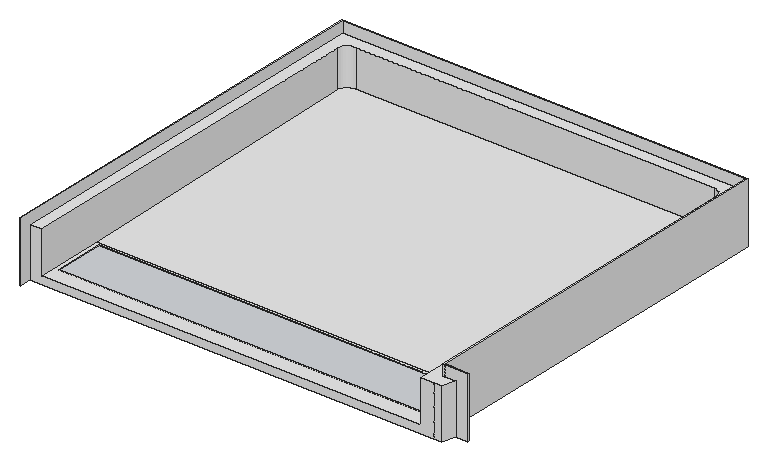
Revit family "P24038A75FTT-B.V3 L-R", category Plumbing Fixtures, Revit 2019
Family settings
  Round Connector Dimension = Use Diameter
  Part Type = Normal
  OmniClass Number = 23.45.05.14.17
  OmniClass Title = Showers
  Work Plane-Based = No
  Always vertical = Yes
  Cut with Voids When Loaded = No
  Shared = No
  Room Calculation Point = No
Parameters (values of type "P24038A75FTT.V3")
  Unit Width = 38 1/2"
  Unit Height = 5 3/4"
  Unit Depth = 38 1/4"
  URL = "http://www.bestbath.com"
  Type Comments = "ADA Compliant"
  Threshold Height = 3/4"
  Model = "P24038A75FTT.V3"
  Material [instance] = Best Bath Gelcoat Fiberglass - Smooth
  Manufacturer = "Best Bath Systems, Inc."
  Keynote = "22 40 00.B3"
  Description = "Trench Drain Pan, Traditional Bullnose Threshold"
  Assembly Code = "D2010710"
Types (5): name | Unit Height | Threshold Height | Model | Description
  (no name) | 5 3/4" | 3/4" | "P24038A75FTT.V3" | "Trench Drain Pan, Traditional Bullnose Threshold"
  P24038A75FTB.V3 | 5 3/4" | 3/4" | "P24038A75FTB.V3" | "Trench Drain Pan, Bevelled Threshold"
  P24038A75FTT.V3 | 5 3/4" | 3/4" | "P24038A75FTT.V3" | "Trench Drain Pan, Traditional Bullnose Threshold"
  P24038A2FTT.V3 | 7" | 2" | "P24038A2FTT.V3" | "Trench Drain Pan, Traditional Bullnose Threshold"
  P24038A2FTB.V3 | 7" | 2" | "P24038A2FTB.V3" | "Trench Drain Pan, Bevelled Threshold"
Reference planes (in)
  plane 1 "Back": y = 6.43613
  plane 2: z = 0
  plane 3 "Left": x = 0
  plane 4: x = 38.5
  plane 5: z = 4.75
  plane 6: z = 0.75
  plane 7: z = 5.75
  plane 8: x = 19.25
  plane 9: y = -31.81387
  plane 10: y = -24.18887
  plane 11: z = 1.5
  plane 12: y = -30.81387
  plane 13: y = -26.81387
  plane 14: z = 0.875
  plane 15 "start bevel": x = 37.24999
Forms (in)
  Extrusion 1, solid, material "Best Bath Gelcoat Fiberglass - Smooth"
    sketch origin (0, 0, 0) x (1, 0, 0) y (0, 1, 0)
      loop
        line (0, 6.43613) -> (0, -31.81387) -> (0.125, -31.81387) -> (0.125, 6.31113) -> (38.375, 6.31113) -> (38.375, -29.56478) -> (38.5, -29.56478) -> (40.75, -29.56478) -> (40.75, -29.44124) -> (38.5, -29.44124) -> (38.5, 6.43613) -> (0, 6.43613)
    from 0 to 5.75
  Extrusion 2, solid, material "Best Bath Gelcoat Fiberglass - Smooth"
    sketch origin (0, 0, 0) x (0, 1, 0) y (0, 0, 1)
      loop
        line (-24.18887, 0.75) -> (5.18613, 0.75) -> (5.18613, 1.25) -> (-24.18887, 0.75)
    from 0 to 38.5
  Extrusion 3, solid, material "Best Bath Gelcoat Fiberglass - Smooth"
    sketch origin (0, 0, 0) x (1, 0, 0) y (0, 1, 0)
      loop
        line (0, 6.43613) -> (0, -30.81387) -> (38.375, -30.81387) -> (38.375, 6.43613) -> (0, 6.43613)
      loop
        circle (19.24617, -26.81482) r 1.5
    from 0 to 0.75
  Extrusion 4, solid, material "Best Bath Gelcoat Fiberglass - Smooth"
    sketch origin (0, 0, 0) x (1, 0, 0) y (0, 1, 0)
      loop
        line (0, 6.43613) -> (0, -30.81387) -> (1.25, -30.81387) -> (1.25, 4.18613)
        arc (1.25, 4.18613) -> (1.54289, 4.89323) -> (2.25, 5.18613) r 1
        line (2.25, 5.18613) -> (36.25, 5.18613)
        arc (36.25, 5.18613) -> (36.95711, 4.89323) -> (37.25, 4.18613) r 1
        line (37.25, 4.18613) -> (37.25, -30.81387) -> (38.5, -30.81387) -> (39.22054, -30.81387) -> (39.55548, -29.56387) -> (38.5, -29.56387) -> (38.5, 6.43613) -> (0, 6.43613)
    from 0 to 4.75
  Extrusion 5, void
    sketch origin (0, 0, 0.75) x (0, 1, 0) y (1, 0, 0)
      loop
        line (-24.48913, 1.63358) -> (-24.48913, 36.88358) -> (-29.23913, 36.88358) -> (-29.23913, 1.63358) -> (-24.48913, 1.63358)
    from 0 to 0.5
  Extrusion 6, solid
    sketch origin (6.65335, -47.30351, 0.25) x (0, 1, 0) y (-1, 0, 0)
      loop
        line (22.81438, 5.01977) -> (18.06438, 5.01977) -> (18.06438, -30.23023) -> (22.81438, -30.23023) -> (22.81438, 5.01977)
    from 0 to 0.5
Cuts and joins
  Extrusion 5 cuts Extrusion 1
  Extrusion 5 cuts Extrusion 2
  Extrusion 5 cuts Extrusion 3
  Extrusion 5 cuts Extrusion 4
  joined: Extrusion 1, Extrusion 2, Extrusion 3, Extrusion 4
Dimensions and locks (in)
  "Unit Width": plane 3 "Left" to plane 4
  "Threshold Height": plane 6 to level
  locked: plane 7 to plane 5 at 1
  "Unit Height": plane 7 to level
  equal spacing: plane 3 "Left", plane 8, plane 4
  "Unit Depth": plane 9 to plane 1 "Back"
  locked: plane 11 to plane 6 at 0.75
  plane 3 "Left" to Extrusion 3 = 38 3/8"
  plane 10 to plane 9 = 7 5/8"
  locked: plane 12 to plane 9 at 1
  locked: plane 1 "Back" to plane 13 at 33.25
  locked: plane 14 to plane 6 at 0.125
  cut or joined group of Extrusion 1, Extrusion 2, Extrusion 3, Extrusion 4, Extrusion 5 to plane 1 "Back" = 33.25094"
  cut or joined group of Extrusion 1, Extrusion 2, Extrusion 3, Extrusion 4, Extrusion 5 to cut or joined group of Extrusion 1, Extrusion 2, Extrusion 3, Extrusion 4, Extrusion 5 = 1.2491"
  aligned and locked: level to plane 2
  aligned and locked: Extrusion 2 sketch curve to plane 6
  aligned and locked: plane 6 to Extrusion 3
  aligned and locked: plane 5 to Extrusion 4
  aligned and locked: plane 12 to Extrusion 3 sketch curve
  aligned and locked: plane 12 to Extrusion 4 sketch curve  (x2)
  aligned and locked: plane 7 to Extrusion 1
  aligned and locked: Extrusion 6 sketch curve to cut or joined group of Extrusion 1, Extrusion 2, Extrusion 3, Extrusion 4, Extrusion 5  (x4)
  aligned and locked: Extrusion 6 to cut or joined group of Extrusion 1, Extrusion 2, Extrusion 3, Extrusion 4, Extrusion 5
Automatic sketch dimensions
  Extrusion 2 sketch curve to plane 10 = 0"
  plane 1 "Back" to Extrusion 2 sketch curve = 1 1/4"
  Extrusion 2 sketch curve to plane 11 = 1/4"
  Extrusion 3 sketch curve to plane 3 "Left" = 0"
  plane 1 "Back" to Extrusion 3 sketch curve = 0"
  Extrusion 3 sketch curve to plane 13 = 0.00094"
  plane 8 to Extrusion 3 sketch curve = 0.00383"
  plane 4 to Extrusion 3 sketch curve = 1/8"
  plane 1 "Back" to Extrusion 4 sketch curve = 0"
  Extrusion 4 sketch curve to plane 3 "Left" = 0"
  Extrusion 4 sketch curve to plane 4 = 0"  (x2)
  plane 3 "Left" to Extrusion 4 sketch curve = 1 1/4"
  Extrusion 4 sketch curve to Extrusion 4 sketch curve = 1"
  plane 1 "Back" to Extrusion 4 sketch curve = 1 1/4"
  plane 4 to Extrusion 4 sketch curve = 2 1/4"
  Extrusion 4 sketch curve to Extrusion 4 sketch curve = 1 1/4"
  Extrusion 4 sketch curve to plane 4 = 0.72054"
  Extrusion 4 sketch curve to plane 4 = 1.05548"
  plane 12 to Extrusion 4 sketch curve = 1 1/4"
  Extrusion 1 sketch curve to plane 3 "Left" = 0"
  Extrusion 1 sketch curve to plane 9 = 0"
  plane 1 "Back" to Extrusion 1 sketch curve = 0"
  Extrusion 1 sketch curve to plane 4 = 0"  (x2)
  plane 3 "Left" to Extrusion 1 sketch curve = 1/8"
  plane 4 to Extrusion 1 sketch curve = 1/8"
  Extrusion 1 sketch curve to Extrusion 1 sketch curve = 2 1/4"
  plane 12 to Extrusion 1 sketch curve = 1.2491"
  Extrusion 1 sketch curve to Extrusion 1 sketch curve = 0.12354"
  plane 1 "Back" to Extrusion 1 sketch curve = 1/8"
  Extrusion 5 sketch curve to Extrusion 3 = 1.57475"
  Extrusion 5 sketch curve to Extrusion 5 sketch curve = 4 3/4"
  Extrusion 5 sketch curve to Extrusion 3 = 1.49142"
  Extrusion 5 sketch curve to Extrusion 3 = 1.63358"
  radius of Extrusion 3 sketch curve = 1 1/2"
